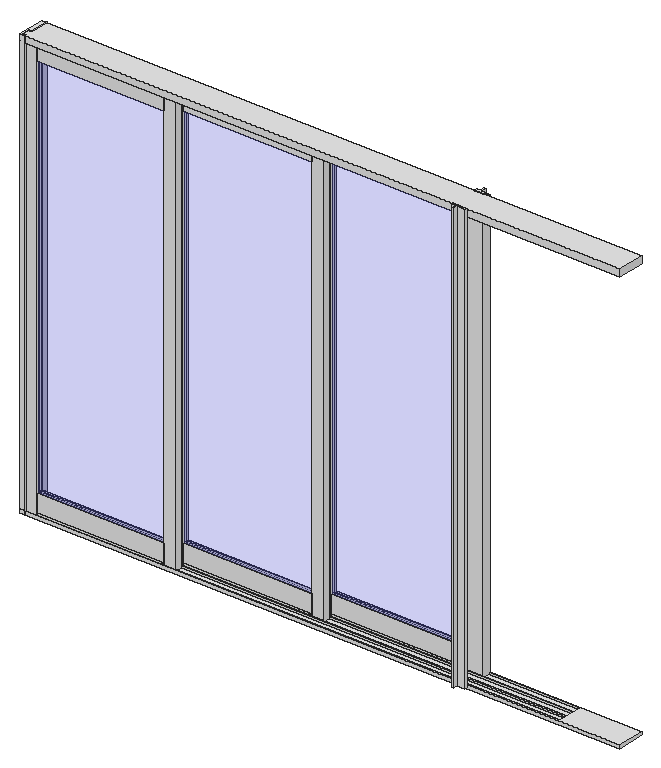
Revit family "Door-Sliding-All_Weather-Series_8100-Pocket", category Doors, host Wall, Revit 2026 (continued)
Definition of nested family "Detail-All_Weather-Series_8100_Footer"
  Dimensions and locks (in)
    Masking region 10 sketch curve to Masking region 10 sketch curve to Masking region 10 sketch curve to Masking region 10 sketch curve to plane 1 "Center (Front/Back)" to Masking region 10 sketch curve to Masking region 10 sketch curve to Masking region 10 sketch curve to Masking region 10 sketch curve to Masking region 10 sketch curve to Masking region 10 sketch curve to Masking region 10 sketch curve to Masking region 10 sketch curve to Masking region 10 sketch curve to Masking region 10 sketch curve to Masking region 10 sketch curve to Masking region 10 sketch curve to Masking region 10 sketch curve to Masking region 10 sketch curve to Masking region 10 sketch curve to Masking region 10 sketch curve to Masking region 10 sketch curve to Masking region 10 sketch curve to Masking region 10 sketch curve to Masking region 10 sketch curve to Masking region 10 sketch curve to Masking region 10 sketch curve to Masking region 10 sketch curve to Masking region 10 sketch curve to Masking region 10 sketch curve to Masking region 10 sketch curve to Masking region 10 sketch curve to Masking region 10 sketch curve to Masking region 10 sketch curve to Masking region 10 sketch curve to Masking region 10 sketch curve to Masking region 10 sketch curve to Masking region 10 sketch curve to Masking region 10 sketch curve to Masking region 10 sketch curve to Masking region 10 sketch curve to Masking region 10 sketch curve to Masking region 10 sketch curve to Masking region 10 sketch curve to Masking region 10 sketch curve to Masking region 10 sketch curve to Masking region 10 sketch curve to Masking region 10 sketch curve to Masking region 10 sketch curve to Masking region 10 sketch curve to Masking region 10 sketch curve to Masking region 10 sketch curve to Masking region 10 sketch curve to Masking region 10 sketch curve to Masking region 10 sketch curve to Masking region 10 sketch curve to Masking region 10 sketch curve to Masking region 10 sketch curve to Masking region 10 sketch curve to Masking region 10 sketch curve to Masking region 10 sketch curve to Masking region 10 sketch curve to Masking region 10 sketch curve to Masking region 10 sketch curve to Masking region 10 sketch curve to Masking region 10 sketch curve to Masking region 10 sketch curve to Masking region 10 sketch curve to Masking region 10 sketch curve to Masking region 10 sketch curve to Masking region 10 sketch curve to Masking region 10 sketch curve to Masking region 10 sketch curve to Masking region 10 sketch curve to Masking region 10 sketch curve to Masking region 10 sketch curve to Masking region 10 sketch curve to Masking region 10 sketch curve to Masking region 10 sketch curve to Masking region 10 sketch curve to Masking region 10 sketch curve to Masking region 10 sketch curve to Masking region 10 sketch curve to Masking region 10 sketch curve = 0' - 0" locked, 0' - 0" locked, 0' - 0" locked, 0' - 0" locked, 0' - 0.03106" locked, 0' - 0" locked, 0' - 0.04646" locked, 0' - 0" locked, 0' - 0.00309" locked, 0' - 0.00012" locked, 0' - 0.01931" locked, 0' - 0" locked, 0' - 0.00494" locked, 0' - 0.00336" locked, 0' - 0" locked, 0' - 0 1/256" locked, 0' - 0.01154" locked, 0' - 0" locked, 0' - 0.00046" locked, 0' - 0" locked, 0' - 0.02485" locked, 0' - 0.0001" locked, 0' - 0.03468" locked, 0' - 0" locked, 0' - 0.00011" locked, 0' - 0.06462" locked, 0' - 0" locked, 0' - 0.03241" locked, 0' - 0" locked, 0' - 0.00522" locked, 0' - 0.00398" locked, 0' - 0" locked, 0' - 0.0019" locked, 0' - 0" locked, 0' - 0.00903" locked, 0' - 0" locked, 0' - 0.01615" locked, 0' - 0.00373" locked, 0' - 0" locked, 0' - 0" locked, 0' - 0.00697" locked, 0' - 0" locked, 0' - 0.01788" locked, 0' - 0.00977" locked, 0' - 0.01967" locked, 0' - 0" locked, 0' - 0.01854" locked, 0' - 0" locked, 0' - 0.00171" locked, 0' - 0.00416" locked, 0' - 0" locked, 0' - 0.00379" locked, 0' - 0.00181" locked, 0' - 0.01409" locked, 0' - 0" locked, 0' - 0.01254" locked, 0' - 0" locked, 0' - 0.03318" locked, 0' - 0" locked, 0' - 0" locked, 0' - 0" locked, 0' - 0.04731" locked, 0' - 0" locked, 0' - 0" locked, 0' - 0" locked, 0' - 0.07824" locked, 0' - 0" locked, 0' - 0.03428" locked, 0' - 0" locked, 0' - 0.01152" locked, 0' - 0" locked, 0' - 0" locked, 0' - 0" locked, 0' - 0.01058" locked, 0' - 0" locked, 0' - 0.03673" locked, 0' - 0" locked, 0' - 0" locked, 0' - 0" locked, 0' - 0.06162" locked, 0' - 0" locked, 0' - 0" locked, 0' - 0" locked
    plane 8 to Masking region 13 sketch curve to Masking region 13 sketch curve to Masking region 13 sketch curve to Masking region 13 sketch curve to Masking region 13 sketch curve to Masking region 13 sketch curve to Masking region 13 sketch curve to Masking region 13 sketch curve to Masking region 13 sketch curve to Masking region 13 sketch curve = 0' - 0.7874" locked, 0' - 0.03665" locked, 0' - 0.02982" locked, 0' - 0.04746" locked, 0' - 0.02982" locked, 0' - 0.14908" locked, 0' - 0.02982" locked, 0' - 0.04746" locked, 0' - 0.02992" locked, 0' - 0.03655" locked
    Masking region 13 sketch curve to Masking region 13 sketch curve to Masking region 13 sketch curve to Masking region 13 sketch curve to Masking region 13 sketch curve to Masking region 13 sketch curve to plane 3 "Top" to Masking region 13 sketch curve to Masking region 13 sketch curve to Masking region 13 sketch curve to Masking region 13 sketch curve to Masking region 13 sketch curve to Masking region 13 sketch curve to Masking region 13 sketch curve to Masking region 13 sketch curve = 0' - 0.02982" locked, 0' - 0.11807" locked, 0' - 0" locked, 0' - 0.01085" locked, 0' - 0" locked, 0' - 0.0214" locked, 0' - 0.09686" locked, 0' - 0" locked, 0' - 0.01085" locked, 0' - 0" locked, 0' - 0.16238" locked, 0' - 0" locked, 0' - 0.10394" locked, 0' - 0" locked
    plane 3 "Top" to Masking region 12 sketch curve to Masking region 12 sketch curve to Masking region 12 sketch curve to Masking region 12 sketch curve to Masking region 12 sketch curve to Masking region 12 sketch curve to Masking region 12 sketch curve to Masking region 12 sketch curve to Masking region 12 sketch curve to Masking region 12 sketch curve to Masking region 12 sketch curve to Masking region 12 sketch curve to Masking region 12 sketch curve to Masking region 12 sketch curve = 0' - 0.37166" locked, 0' - 0.05731" locked, 0' - 0" locked, 0' - 0.03081" locked, 0' - 0" locked, 0' - 0.01391" locked, 0' - 0" locked, 0' - 0.15405" locked, 0' - 0" locked, 0' - 0.01391" locked, 0' - 0" locked, 0' - 0.03081" locked, 0' - 0" locked, 0' - 0 3/256" locked
    plane 8 to Masking region 12 sketch curve to Masking region 12 sketch curve to Masking region 12 sketch curve to Masking region 12 sketch curve to Masking region 12 sketch curve to Masking region 12 sketch curve to Masking region 12 sketch curve to Masking region 12 sketch curve to Masking region 12 sketch curve to Masking region 12 sketch curve to Masking region 12 sketch curve to Masking region 12 sketch curve to Masking region 12 sketch curve to Masking region 12 sketch curve to Masking region 12 sketch curve to Masking region 12 sketch curve to Masking region 12 sketch curve to Masking region 12 sketch curve = 0' - 0.71548" locked, 0' - 0.03081" locked, 0' - 0" locked, 0' - 0.0563" locked, 0' - 0" locked, 0' - 0.04001" locked, 0' - 0" locked, 0' - 0.03941" locked, 0' - 0" locked, 0' - 0.24863" locked, 0' - 0" locked, 0' - 0.03941" locked, 0' - 0" locked, 0' - 0.04001" locked, 0' - 0" locked, 0' - 0.0563" locked, 0' - 0" locked, 0' - 0.03081" locked
    plane 9 to Masking region 15 sketch curve to Masking region 15 sketch curve to Masking region 15 sketch curve to Masking region 15 sketch curve to Masking region 15 sketch curve to Masking region 15 sketch curve to Masking region 15 sketch curve to Masking region 15 sketch curve = 0' - 0.07847" locked, 0' - 0.04969" locked, 0' - 0" locked, 0' - 0.13554" locked, 0' - 1.48505" locked, 0' - 0.13554" locked, 0' - 0" locked, 0' - 0.04969" locked
    plane 3 "Top" to Masking region 15 sketch curve to Masking region 15 sketch curve to Masking region 15 sketch curve to Masking region 15 sketch curve to Masking region 15 sketch curve to Masking region 15 sketch curve to Masking region 15 sketch curve to Masking region 15 sketch curve to Masking region 15 sketch curve to Masking region 15 sketch curve to Masking region 15 sketch curve to Masking region 15 sketch curve = 0' - 0.0662" locked, 0' - 0" locked, 0' - 0.06321" locked, 0' - 0" locked, 0' - 0.00755" locked, 0' - 0" locked, 0' - 0.07901" locked, 0' - 0" locked, 0' - 0.00739" locked, 0' - 0" locked, 0' - 0.06151" locked, 0' - 0" locked
    Masking region 14 sketch curve to Masking region 14 sketch curve to Masking region 14 sketch curve to plane 9 to Masking region 14 sketch curve to Masking region 14 sketch curve to Masking region 14 sketch curve to Masking region 14 sketch curve to Masking region 14 sketch curve to Masking region 14 sketch curve to Masking region 14 sketch curve to Masking region 14 sketch curve to Masking region 14 sketch curve to Masking region 14 sketch curve to Masking region 14 sketch curve to Masking region 14 sketch curve to Masking region 14 sketch curve to Masking region 14 sketch curve to Masking region 14 sketch curve to Masking region 14 sketch curve to Masking region 14 sketch curve to Masking region 14 sketch curve to Masking region 14 sketch curve to Masking region 14 sketch curve to Masking region 14 sketch curve to Masking region 14 sketch curve to Masking region 14 sketch curve to Masking region 14 sketch curve to Masking region 14 sketch curve to Masking region 14 sketch curve to Masking region 14 sketch curve to Masking region 14 sketch curve to Masking region 14 sketch curve to Masking region 14 sketch curve to Masking region 14 sketch curve to Masking region 14 sketch curve to Masking region 14 sketch curve to Masking region 14 sketch curve to Masking region 14 sketch curve to Masking region 14 sketch curve to Masking region 14 sketch curve to Masking region 14 sketch curve to Masking region 14 sketch curve to Masking region 14 sketch curve to Masking region 14 sketch curve to Masking region 14 sketch curve to Masking region 14 sketch curve to Masking region 14 sketch curve to Masking region 14 sketch curve to Masking region 14 sketch curve to Masking region 14 sketch curve to Masking region 14 sketch curve to Masking region 14 sketch curve to Masking region 14 sketch curve to Masking region 14 sketch curve to Masking region 14 sketch curve to Masking region 14 sketch curve to Masking region 14 sketch curve to Masking region 14 sketch curve to Masking region 14 sketch curve to Masking region 14 sketch curve to Masking region 14 sketch curve to Masking region 14 sketch curve to Masking region 14 sketch curve to Masking region 14 sketch curve to Masking region 14 sketch curve to Masking region 14 sketch curve to Masking region 14 sketch curve to Masking region 14 sketch curve to Masking region 14 sketch curve to Masking region 14 sketch curve to Masking region 14 sketch curve to Masking region 14 sketch curve to Masking region 14 sketch curve to Masking region 14 sketch curve to Masking region 14 sketch curve to Masking region 14 sketch curve to Masking region 14 sketch curve = 0' - 0.03106" locked, 0' - 0.016" locked, 0' - 0.02464" locked, 0' - 0 1/128" locked, 0' - 0" locked, 0' - 0.04912" locked, 0' - 0.01052" locked, 0' - 0.00999" locked, 0' - 0.03971" locked, 0' - 0.00999" locked, 0' - 0" locked, 0' - 0.03971" locked, 0' - 0" locked, 0' - 0.02982" locked, 0' - 0.31727" locked, 0' - 0.02701" locked, 0' - 0.01651" locked, 0' - 0.03874" locked, 0' - 0" locked, 0' - 0.0179" locked, 0' - 0" locked, 0' - 0.02185" locked, 0' - 0" locked, 0' - 0.04969" locked, 0' - 0.0015" locked, 0' - 0.02834" locked, 0' - 0.03081" locked, 0' - 0" locked, 0' - 0.01886" locked, 0' - 0.00002" locked, 0' - 0.02439" locked, 0' - 0.01303" locked, 0' - 0" locked, 0' - 0.01152" locked, 0' - 0.02823" locked, 0' - 0.00026" locked, 0' - 0.00625" locked, 0' - 0.03297" locked, 0' - 0.00019" locked, 0' - 0.24863" locked, 0' - 0.00019" locked, 0' - 0.03297" locked, 0' - 0.00625" locked, 0' - 0.00026" locked, 0' - 0.02823" locked, 0' - 0.01152" locked, 0' - 0" locked, 0' - 0.01303" locked, 0' - 0.02439" locked, 0' - 0.00002" locked, 0' - 0.01886" locked, 0' - 0" locked, 0' - 0.03081" locked, 0' - 0.02834" locked, 0' - 0.0015" locked, 0' - 0.04969" locked, 0' - 0" locked, 0' - 0.02185" locked, 0' - 0" locked, 0' - 0.0179" locked, 0' - 0" locked, 0' - 0.03206" locked, 0' - 0.02331" locked, 0' - 0.01748" locked, 0' - 0.33534" locked, 0' - 0.02116" locked, 0' - 0" locked, 0' - 0.03971" locked, 0' - 0" locked, 0' - 0.01864" locked, 0' - 0" locked, 0' - 0.03106" locked, 0' - 0.0205" locked, 0' - 0.00454" locked, 0' - 0.01223" locked, 0' - 0.03106" locked, 0' - 0.00129" locked
    Masking region 14 sketch curve to Masking region 14 sketch curve to Masking region 14 sketch curve to Masking region 14 sketch curve to plane 1 "Center (Front/Back)" to Masking region 14 sketch curve to Masking region 14 sketch curve to Masking region 14 sketch curve to Masking region 14 sketch curve to Masking region 14 sketch curve to Masking region 14 sketch curve to Masking region 14 sketch curve to Masking region 14 sketch curve to Masking region 14 sketch curve to Masking region 14 sketch curve to Masking region 14 sketch curve to Masking region 14 sketch curve to Masking region 14 sketch curve to Masking region 14 sketch curve to Masking region 14 sketch curve to Masking region 14 sketch curve to Masking region 14 sketch curve to Masking region 14 sketch curve to Masking region 14 sketch curve to Masking region 14 sketch curve to Masking region 14 sketch curve to Masking region 14 sketch curve to Masking region 14 sketch curve to Masking region 14 sketch curve to Masking region 14 sketch curve to Masking region 14 sketch curve to Masking region 14 sketch curve to Masking region 14 sketch curve to Masking region 14 sketch curve to Masking region 14 sketch curve to Masking region 14 sketch curve to Masking region 14 sketch curve to Masking region 14 sketch curve to Masking region 14 sketch curve to Masking region 14 sketch curve to Masking region 14 sketch curve to Masking region 14 sketch curve to Masking region 14 sketch curve to Masking region 14 sketch curve to Masking region 14 sketch curve to Masking region 14 sketch curve to Masking region 14 sketch curve to Masking region 14 sketch curve to Masking region 14 sketch curve to Masking region 14 sketch curve to Masking region 14 sketch curve to Masking region 14 sketch curve to Masking region 14 sketch curve to Masking region 14 sketch curve to Masking region 14 sketch curve to Masking region 14 sketch curve to Masking region 14 sketch curve to Masking region 14 sketch curve to Masking region 14 sketch curve to Masking region 14 sketch curve to Masking region 14 sketch curve to Masking region 14 sketch curve to Masking region 14 sketch curve to Masking region 14 sketch curve to Masking region 14 sketch curve to Masking region 14 sketch curve to Masking region 14 sketch curve to Masking region 14 sketch curve to Masking region 14 sketch curve to Masking region 14 sketch curve to Masking region 14 sketch curve to Masking region 14 sketch curve to Masking region 14 sketch curve to Masking region 14 sketch curve to Masking region 14 sketch curve to Masking region 14 sketch curve to Masking region 14 sketch curve to Masking region 14 sketch curve to Masking region 14 sketch curve to Masking region 14 sketch curve to Masking region 14 sketch curve to Masking region 14 sketch curve to Masking region 14 sketch curve to Masking region 14 sketch curve = 0' - 0" locked, 0' - 0" locked, 0' - 0" locked, 0' - 0" locked, 0' - 0.03106" locked, 0' - 0" locked, 0' - 0.04646" locked, 0' - 0" locked, 0' - 0.00309" locked, 0' - 0.00012" locked, 0' - 0.01931" locked, 0' - 0" locked, 0' - 0.00494" locked, 0' - 0.00336" locked, 0' - 0" locked, 0' - 0 1/256" locked, 0' - 0.01154" locked, 0' - 0" locked, 0' - 0.00046" locked, 0' - 0" locked, 0' - 0.02485" locked, 0' - 0.0001" locked, 0' - 0.03468" locked, 0' - 0" locked, 0' - 0.00011" locked, 0' - 0.06462" locked, 0' - 0" locked, 0' - 0.03241" locked, 0' - 0" locked, 0' - 0.00522" locked, 0' - 0.00398" locked, 0' - 0" locked, 0' - 0.0019" locked, 0' - 0" locked, 0' - 0.00903" locked, 0' - 0" locked, 0' - 0.01615" locked, 0' - 0.00373" locked, 0' - 0" locked, 0' - 0" locked, 0' - 0.00697" locked, 0' - 0" locked, 0' - 0.01788" locked, 0' - 0.00977" locked, 0' - 0.01967" locked, 0' - 0" locked, 0' - 0.01854" locked, 0' - 0" locked, 0' - 0.00171" locked, 0' - 0.00416" locked, 0' - 0" locked, 0' - 0.00379" locked, 0' - 0.00181" locked, 0' - 0.01409" locked, 0' - 0" locked, 0' - 0.01254" locked, 0' - 0" locked, 0' - 0.03318" locked, 0' - 0" locked, 0' - 0" locked, 0' - 0" locked, 0' - 0.04731" locked, 0' - 0" locked, 0' - 0" locked, 0' - 0" locked, 0' - 0.07824" locked, 0' - 0" locked, 0' - 0.03428" locked, 0' - 0" locked, 0' - 0.01152" locked, 0' - 0" locked, 0' - 0" locked, 0' - 0" locked, 0' - 0.01058" locked, 0' - 0" locked, 0' - 0.03673" locked, 0' - 0" locked, 0' - 0" locked, 0' - 0" locked, 0' - 0.06162" locked, 0' - 0" locked, 0' - 0" locked, 0' - 0" locked
    plane 9 to Masking region 17 sketch curve to Masking region 17 sketch curve to Masking region 17 sketch curve to Masking region 17 sketch curve to Masking region 17 sketch curve to Masking region 17 sketch curve to Masking region 17 sketch curve to Masking region 17 sketch curve to Masking region 17 sketch curve to Masking region 17 sketch curve = 0' - 0.7874" locked, 0' - 0.03665" locked, 0' - 0.02982" locked, 0' - 0.04746" locked, 0' - 0.02982" locked, 0' - 0.14908" locked, 0' - 0.02982" locked, 0' - 0.04746" locked, 0' - 0.02992" locked, 0' - 0.03655" locked
    Masking region 17 sketch curve to Masking region 17 sketch curve to Masking region 17 sketch curve to Masking region 17 sketch curve to Masking region 17 sketch curve to Masking region 17 sketch curve to plane 3 "Top" to Masking region 17 sketch curve to Masking region 17 sketch curve to Masking region 17 sketch curve to Masking region 17 sketch curve to Masking region 17 sketch curve to Masking region 17 sketch curve to Masking region 17 sketch curve to Masking region 17 sketch curve = 0' - 0.02982" locked, 0' - 0.11807" locked, 0' - 0" locked, 0' - 0.01085" locked, 0' - 0" locked, 0' - 0.0214" locked, 0' - 0.09686" locked, 0' - 0" locked, 0' - 0.01085" locked, 0' - 0" locked, 0' - 0.16238" locked, 0' - 0" locked, 0' - 0.10394" locked, 0' - 0" locked
    plane 3 "Top" to Masking region 16 sketch curve to Masking region 16 sketch curve to Masking region 16 sketch curve to Masking region 16 sketch curve to Masking region 16 sketch curve to Masking region 16 sketch curve to Masking region 16 sketch curve to Masking region 16 sketch curve to Masking region 16 sketch curve to Masking region 16 sketch curve to Masking region 16 sketch curve to Masking region 16 sketch curve to Masking region 16 sketch curve to Masking region 16 sketch curve = 0' - 0.37166" locked, 0' - 0.05731" locked, 0' - 0" locked, 0' - 0.03081" locked, 0' - 0" locked, 0' - 0.01391" locked, 0' - 0" locked, 0' - 0.15405" locked, 0' - 0" locked, 0' - 0.01391" locked, 0' - 0" locked, 0' - 0.03081" locked, 0' - 0" locked, 0' - 0 3/256" locked
    plane 9 to Masking region 16 sketch curve to Masking region 16 sketch curve to Masking region 16 sketch curve to Masking region 16 sketch curve to Masking region 16 sketch curve to Masking region 16 sketch curve to Masking region 16 sketch curve to Masking region 16 sketch curve to Masking region 16 sketch curve to Masking region 16 sketch curve to Masking region 16 sketch curve to Masking region 16 sketch curve to Masking region 16 sketch curve to Masking region 16 sketch curve to Masking region 16 sketch curve to Masking region 16 sketch curve to Masking region 16 sketch curve to Masking region 16 sketch curve = 0' - 0.71548" locked, 0' - 0.03081" locked, 0' - 0" locked, 0' - 0.0563" locked, 0' - 0" locked, 0' - 0.04001" locked, 0' - 0" locked, 0' - 0.03941" locked, 0' - 0" locked, 0' - 0.24863" locked, 0' - 0" locked, 0' - 0.03941" locked, 0' - 0" locked, 0' - 0.04001" locked, 0' - 0" locked, 0' - 0.0563" locked, 0' - 0" locked, 0' - 0.03081" locked
    plane 4 "Front" to plane 7 to plane 8 to plane 9 = 0' - 1.99575" locked, 0' - 2" locked, 0' - 2" locked
    aligned and locked: Masking region 2 sketch curve to plane 1 "Center (Front/Back)"
    aligned and locked: plane 5 to Masking region 2
    aligned and locked: Masking region 2 sketch curve to plane 5
    aligned and locked: Masking region 2 sketch curve to plane 3 "Top"
    aligned and locked: Masking region 2 sketch curve to plane 4 "Front"
  Automatic sketch dimensions
    Masking region 1 sketch curve to Masking region 1 sketch curve = 0' - 0"  (x3)
    Masking region 1 sketch curve to Masking region 1 sketch curve = 0' - 0.03186"
    Masking region 1 sketch curve to Masking region 1 sketch curve = 0' - 0.02039"
    Masking region 4 sketch curve to Masking region 4 sketch curve = 0' - 0.02485"  (x3)
    Masking region 4 sketch curve to Masking region 4 sketch curve = 0' - 0.01457"
    Masking region 5 sketch curve to Masking region 5 sketch curve = 0' - 0"
    Masking region 6 sketch curve to Masking region 6 sketch curve = 0' - 0"  (x3)
    Masking region 6 sketch curve to Masking region 6 sketch curve = 0' - 0.03186"
    Masking region 6 sketch curve to Masking region 6 sketch curve = 0' - 0.02039"
    Masking region 8 sketch curve to Masking region 8 sketch curve = 0' - 0.02485"  (x3)
    Masking region 8 sketch curve to Masking region 8 sketch curve = 0' - 0.01457"
    Masking region 9 sketch curve to Masking region 9 sketch curve = 0' - 0"
    Masking region 10 sketch curve to Masking region 10 sketch curve = 0' - 0"  (x3)
    Masking region 10 sketch curve to Masking region 10 sketch curve = 0' - 0.03186"
    Masking region 10 sketch curve to Masking region 10 sketch curve = 0' - 0.02039"
    Masking region 12 sketch curve to Masking region 12 sketch curve = 0' - 0.02485"  (x3)
    Masking region 12 sketch curve to Masking region 12 sketch curve = 0' - 0.01457"
    Masking region 13 sketch curve to Masking region 13 sketch curve = 0' - 0"
    Masking region 14 sketch curve to Masking region 14 sketch curve = 0' - 0"  (x3)
    Masking region 14 sketch curve to Masking region 14 sketch curve = 0' - 0.03186"
    Masking region 14 sketch curve to Masking region 14 sketch curve = 0' - 0.02039"
    Masking region 16 sketch curve to Masking region 16 sketch curve = 0' - 0.02485"  (x3)
    Masking region 16 sketch curve to Masking region 16 sketch curve = 0' - 0.01457"
    Masking region 17 sketch curve to Masking region 17 sketch curve = 0' - 0"
Definition of nested family "Detail-All_Weather-Series_8100_Clip"
  Parameters (values of type "Clip")
    URL = "https://www.allweatheraa.com/"
    Type Comments = "5 in Thermal Strut Sliding Glass Door"  # constant formula
    Thickness = 0' - 3.07641"
    Specification = ""
    Last Panel = yes
    Height = 0' - 1 161/256"
    Product Page URL = "https://www.allweatheraa.com/doors/series-8100-sliding-doors/"
    Product Name = "Series 8100"  # constant formula
    Product Documentation Link = "https://www.allweatheraa.com/download/4291/"
    Model = "Sliding Door"  # constant formula
    Manufacturer = "All Weather Architectural Aluminum"  # constant formula
    Description = "3 Track Footer"
    Assembly Code = "B2020100"
  Types (2): name | Last Panel
    Clip | yes
    Clip 2 | no
  Reference planes (in)
    plane 1 "Center (Front/Back)": y = 0.87109
    plane 2: z = 0
    plane 3 "Top": y = 2.5
    plane 4 "Front": x = -1.41797
    plane 5 "Back": x = 1.65844
  Lines and regions (in)
    Masking region 1, in view "Ref. Level", detail levels medium+fine
      outline origin (8.14448, -3.8853, 0) x (1, 0, 0) y (0, 1, 0)
        loop
          line (-9.56245, 5.65382) -> (-9.19036, 5.65382) -> (-9.19036, 5.72359) -> (-9.49268, 5.72359) -> (-9.49268, 5.87974) -> (-8.63554, 5.87974) -> (-8.63554, 5.75349) -> (-8.69202, 5.75349) -> (-8.69202, 5.3443) -> (-8.62557, 5.28893) -> (-8.62557, 4.97553) -> (-8.69202, 4.92016) -> (-8.69202, 4.75681) -> (-8.56577, 4.75681) -> (-8.56577, 4.82658) -> (-8.62225, 4.82658) -> (-8.62225, 4.88683) -> (-8.56577, 4.93577) -> (-8.56577, 5.32869) -> (-8.62225, 5.37763) -> (-8.62225, 5.68372) -> (-8.56577, 5.68372) -> (-8.56577, 5.87974) -> (-7.48604, 5.87974) -> (-7.43953, 5.92625) -> (-7.20235, 5.92625) -> (-7.20235, 5.97708) -> (-7.1177, 5.87974) -> (-6.85104, 5.87974) -> (-6.73898, 6.00931) -> (-6.55581, 6.00931) -> (-6.55581, 5.87974) -> (-6.48604, 5.87974) -> (-6.48604, 6.07907) -> (-6.7722, 6.07907) -> (-6.88426, 5.94951) -> (-7.08449, 5.94951) -> (-7.19655, 6.07907) -> (-7.31993, 6.07907) -> (-7.31993, 6.04455) -> (-7.28015, 6.04455) -> (-7.28015, 5.99667) -> (-7.48604, 5.99667) -> (-7.48604, 6.04455) -> (-7.44424, 6.04455) -> (-7.44424, 6.07907) -> (-7.69298, 6.07907) -> (-7.58092, 5.94951) -> (-9.03157, 5.94951) -> (-9.03157, 5.99306) -> (-8.98191, 6.07907) -> (-9.05747, 6.07907) -> (-9.10224, 6.00153) -> (-9.10224, 5.94951) -> (-9.197, 5.94951) -> (-9.197, 6.07907) -> (-9.30712, 6.07907) -> (-9.30712, 5.94951) -> (-9.49268, 5.94951) -> (-9.49268, 6.00903) -> (-9.41921, 6.00903) -> (-9.41921, 6.07907) -> (-9.56245, 6.07907) -> (-9.56245, 5.65382)
    Masking region 2, in view "Ref. Level", visible <- "Last Panel", detail levels medium+fine
      outline origin (8.14448, -3.8853, 0) x (1, 0, 0) y (0, 1, 0)
        loop
          arc (-9.20365, 6.07907) -> (-9.17922, 6.10889) -> (-9.21326, 6.12698) r 0.02492
          line (-9.21326, 6.12698) -> (-9.25562, 6.19899)
          arc (-9.25562, 6.19899) -> (-9.27561, 6.20437) -> (-9.28137, 6.18449) r 0.01478
          line (-9.28137, 6.18449) -> (-9.25143, 6.12891) -> (-9.34064, 6.12891) -> (-9.38041, 6.19652)
          arc (-9.38041, 6.19652) -> (-9.40047, 6.20192) -> (-9.40625, 6.18197) r 0.01483
          line (-9.40625, 6.18197) -> (-9.37768, 6.12891) -> (-9.48272, 6.12891) -> (-9.48272, 6.26516) -> (-9.08571, 6.26516)
          arc (-9.08571, 6.26516) -> (-9.05415, 6.29755) -> (-9.08737, 6.32824) r 0.03156
          line (-9.08737, 6.32824) -> (-9.16046, 6.32824) -> (-9.16046, 6.3853) -> (-9.25003, 6.3853) -> (-9.25003, 6.35178) -> (-9.20365, 6.35178) -> (-9.20365, 6.30166) -> (-9.41737, 6.30166) -> (-9.41737, 6.35178) -> (-9.36906, 6.35178) -> (-9.36906, 6.3853) -> (-9.44246, 6.3853) -> (-9.54252, 6.32972) -> (-9.54252, 6.07907) -> (-9.20365, 6.07907)
    Masking region 3, in view "Ref. Level", visible <- "Last Panel", detail levels medium+fine
      outline origin (8.14448, -3.8853, 0) x (1, 0, 0) y (0, 1, 0)
        loop
          line (-8.0475, 6.37475) -> (-7.75846, 6.40133) -> (-7.47607, 6.40133) -> (-7.29882, 6.38461)
          arc (-7.29882, 6.38461) -> (-7.28078, 6.36477) -> (-7.29886, 6.34496) r 0.01991
          line (-7.29886, 6.34496) -> (-7.95879, 6.28404)
          arc (-7.95879, 6.28404) -> (-7.97022, 6.27251) -> (-7.97441, 6.25515) r 0.03155
          line (-7.97441, 6.25515) -> (-7.97441, 6.11063)
          arc (-7.97441, 6.11063) -> (-7.96516, 6.08832) -> (-7.94451, 6.07907) r 0.03156
          line (-7.94451, 6.07907) -> (-7.69298, 6.07907) -> (-7.5838, 5.95283) -> (-7.67928, 5.95283) -> (-7.73465, 6.01927) -> (-8.2867, 6.01927) -> (-8.2867, 5.95283) -> (-8.3465, 5.95283) -> (-8.3465, 6.00846) -> (-8.67873, 6.18871) -> (-8.87095, 6.18871) -> (-8.97726, 6.00266) -> (-8.89135, 6.00266) -> (-8.89135, 5.95615) -> (-8.95282, 5.95615)
          arc (-8.95282, 5.95615) -> (-8.99831, 5.97629) -> (-9.01399, 6.0235) r 0.06146
          line (-9.01399, 6.0235) -> (-8.92436, 6.17874) -> (-9.48272, 6.17874) -> (-9.48272, 6.25847) -> (-8.68205, 6.25847) -> (-8.34982, 6.07907) -> (-8.07408, 6.07907) -> (-8.07408, 6.34285)
          arc (-8.07408, 6.34285) -> (-8.06596, 6.36433) -> (-8.04543, 6.37462) r 0.03156
    Masking region 4, in view "Ref. Level", detail levels medium+fine
      outline origin (0, 0, 0) x (1, 0, 0) y (0, 1, 0)
        loop
          line (-0.42129, 1.99443) -> (-0.42129, 0.93193) -> (-0.17129, 0.93193) -> (-0.17129, 1.74443) -> (0.64121, 1.74443) -> (0.64121, 1.99443) -> (-0.42129, 1.99443)
    Masking region 5, in view "Ref. Level", detail levels coarse
      outline origin (0, 0, 0) x (1, 0, 0) y (0, 1, 0)
        loop
          line (-1.41797, 1.76852) -> (-0.54754, 1.76852) -> (-0.54754, 0.87109) -> (-0.17129, 0.87109) -> (-0.17129, 1.74443) -> (1.65844, 1.74443) -> (1.65844, 2.5) -> (-1.41797, 2.5) -> (-1.41797, 1.76852)
    Masking region 6, in view "Ref. Level", visible <- "Last Panel", detail levels fine
      outline origin (-0.91535, 0.73598, 0) x (1, 0, 0) y (0, 1, 0)
        loop
          line (-0.28975, 1.71165) -> (-0.34318, 1.71165) -> (-0.34318, 1.68038) -> (-0.15818, 1.68038) -> (-0.15818, 1.71165) -> (-0.21162, 1.71165) -> (-0.19948, 1.93429) -> (-0.30189, 1.93429) -> (-0.28975, 1.71165)
  Dimensions and locks (in)
    "Thickness": plane 4 "Front" to plane 5 "Back"
    "Height": plane 3 "Top" to plane 1 "Center (Front/Back)"
    Masking region 1 sketch curve to Masking region 1 sketch curve to Masking region 1 sketch curve to Masking region 1 sketch curve to Masking region 1 sketch curve to Masking region 1 sketch curve to Masking region 1 sketch curve to Masking region 1 sketch curve to Masking region 1 sketch curve to Masking region 1 sketch curve to Masking region 1 sketch curve to Masking region 1 sketch curve to Masking region 1 sketch curve to Masking region 1 sketch curve to Masking region 1 sketch curve to Masking region 1 sketch curve to Masking region 1 sketch curve to Masking region 1 sketch curve to Masking region 1 sketch curve to Masking region 1 sketch curve to Masking region 1 sketch curve to Masking region 1 sketch curve to Masking region 1 sketch curve to Masking region 1 sketch curve to Masking region 1 sketch curve to Masking region 1 sketch curve to Masking region 1 sketch curve to Masking region 1 sketch curve to Masking region 1 sketch curve to Masking region 1 sketch curve to Masking region 1 sketch curve to Masking region 1 sketch curve to Masking region 1 sketch curve to Masking region 1 sketch curve to Masking region 1 sketch curve to Masking region 1 sketch curve to Masking region 1 sketch curve to Masking region 1 sketch curve = 0' - 0.06977" locked, 0' - 0" locked, 0' - 0.07348" locked, 0' - 0.11208" locked, 0' - 0.11012" locked, 0' - 0.00664" locked, 0' - 0.08812" locked, 0' - 0.04477" locked, 0' - 0.0259" locked, 0' - 0.04966" locked, 0' - 0.28989" locked, 0' - 0" locked, 0' - 0.05648" locked, 0' - 0.00997" locked, 0' - 0.00332" locked, 0' - 0" locked, 0' - 0.05648" locked, 0' - 0" locked, 0' - 0" locked, 0' - 0.87279" locked, 0' - 0.11206" locked, 0' - 0.09488" locked, 0' - 0" locked, 0' - 0.0418" locked, 0' - 0.00471" locked, 0' - 0.1196" locked, 0' - 0.03978" locked, 0' - 0.0778" locked, 0' - 0.0058" locked, 0' - 0.07885" locked, 0' - 0.03321" locked, 0' - 0.20023" locked, 0' - 0.03322" locked, 0' - 0.07884" locked, 0' - 0.03322" locked, 0' - 0.18317" locked, 0' - 0.06977" locked
    plane 1 "Center (Front/Back)" to Masking region 1 sketch curve to Masking region 1 sketch curve to Masking region 1 sketch curve to Masking region 1 sketch curve to Masking region 1 sketch curve to Masking region 1 sketch curve to Masking region 1 sketch curve to Masking region 1 sketch curve to Masking region 1 sketch curve to Masking region 1 sketch curve to Masking region 1 sketch curve to Masking region 1 sketch curve to Masking region 1 sketch curve to Masking region 1 sketch curve to Masking region 1 sketch curve to Masking region 1 sketch curve to Masking region 1 sketch curve to Masking region 1 sketch curve to Masking region 1 sketch curve to Masking region 1 sketch curve to Masking region 1 sketch curve to Masking region 1 sketch curve to Masking region 1 sketch curve to Masking region 1 sketch curve to Masking region 1 sketch curve to Masking region 1 sketch curve to Masking region 1 sketch curve to Masking region 1 sketch curve to Masking region 1 sketch curve to Masking region 1 sketch curve to Masking region 1 sketch curve to Masking region 1 sketch curve to Masking region 1 sketch curve to Masking region 1 sketch curve to Masking region 1 sketch curve to Masking region 1 sketch curve to Masking region 1 sketch curve = 0' - 0.00042" locked, 0' - 0.06977" locked, 0' - 0.06024" locked, 0' - 0.03333" locked, 0' - 0 1/64" locked, 0' - 0.03976" locked, 0' - 0.3134" locked, 0' - 0.03976" locked, 0' - 0 1/64" locked, 0' - 0.03333" locked, 0' - 0.27619" locked, 0' - 0.0299" locked, 0' - 0.03987" locked, 0' - 0.0299" locked, 0' - 0.12625" locked, 0' - 0", 0' - 0", 0' - 0" locked, 0' - 0.04651" locked, 0' - 0.02326" locked, 0' - 0" locked, 0' - 0" locked, 0' - 0" locked, 0' - 0.02758" locked, 0' - 0.01598" locked, 0' - 0.00361" locked, 0' - 0.00486" locked, 0' - 0.00751" locked, 0' - 0.00027" locked, 0' - 0.03524" locked, 0' - 0" locked, 0' - 0.03453" locked, 0' - 0" locked, 0' - 0" locked, 0' - 0" locked, 0' - 0" locked, 0' - 0" locked
    plane 4 "Front" to Masking region 3 sketch curve to Masking region 3 sketch curve to Masking region 3 sketch curve to Masking region 3 sketch curve to Masking region 3 sketch curve to Masking region 3 sketch curve to Masking region 3 sketch curve to Masking region 3 sketch curve to Masking region 3 sketch curve to Masking region 3 sketch curve to Masking region 3 sketch curve to Masking region 3 sketch curve to Masking region 3 sketch curve to Masking region 3 sketch curve to Masking region 3 sketch curve to Masking region 3 sketch curve to Masking region 3 sketch curve to Masking region 3 sketch curve to Masking region 3 sketch curve to Masking region 3 sketch curve to Masking region 3 sketch curve to Masking region 3 sketch curve to Masking region 3 sketch curve to Masking region 3 sketch curve to Masking region 3 sketch curve = 0' - 0.07973" locked, 0' - 0.46872" locked, 0' - 0.03674" locked, 0' - 0.02444" locked, 0' - 0.02845" locked, 0' - 0.03301" locked, 0' - 0.02041" locked, 0' - 0.1889" locked, 0' - 0.00332" locked, 0' - 0.3289" locked, 0' - 0.00332" locked, 0' - 0.0598" locked, 0' - 0.21262" locked, 0' - 0.02865" locked, 0' - 0.07102" locked, 0' - 0 1/64" locked, 0' - 0.01428" locked, 0' - 0.18605" locked, 0' - 0.02381" locked, 0' - 0.04167" locked, 0' - 0.0137" locked, 0' - 0.09549" locked, 0' - 0.10773" locked, 0' - 0.17721" locked, 0' - 0.00004" locked
    Masking region 3 sketch curve to Masking region 3 sketch curve to Masking region 3 sketch curve to Masking region 3 sketch curve to Masking region 3 sketch curve to Masking region 3 sketch curve to Masking region 3 sketch curve to Masking region 3 sketch curve to Masking region 3 sketch curve to Masking region 3 sketch curve to Masking region 3 sketch curve to Masking region 3 sketch curve to Masking region 3 sketch curve to Masking region 3 sketch curve to Masking region 3 sketch curve to Masking region 3 sketch curve to Masking region 3 sketch curve to Masking region 3 sketch curve = 0' - 0.01672" locked, 0' - 0.03965" locked, 0' - 0.00211" locked, 0' - 0.0588" locked, 0' - 0.02557" locked, 0' - 0.00166" locked, 0' - 0.06811" locked, 0' - 0.00997" locked, 0' - 0.09967" locked, 0' - 0" locked, 0' - 0.05557" locked, 0' - 0.00423" locked, 0' - 0.01082" locked, 0' - 0.0058" locked, 0' - 0.04651" locked, 0' - 0.00332" locked, 0' - 0" locked
    plane 4 "Front" to Masking region 2 sketch curve to Masking region 2 sketch curve to Masking region 2 sketch curve to Masking region 2 sketch curve to Masking region 2 sketch curve to Masking region 2 sketch curve to Masking region 2 sketch curve to Masking region 2 sketch curve to Masking region 2 sketch curve to Masking region 2 sketch curve to Masking region 2 sketch curve to Masking region 2 sketch curve to Masking region 2 sketch curve to Masking region 2 sketch curve to Masking region 2 sketch curve to Masking region 2 sketch curve to Masking region 2 sketch curve to Masking region 2 sketch curve to Masking region 2 sketch curve = 0' - 0.01993" locked, 0' - 0.0598" locked, 0' - 0.04025" locked, 0' - 0.02509" locked, 0' - 0.01112" locked, 0' - 0.02584" locked, 0' - 0.00273" locked, 0' - 0.00862" locked, 0' - 0.02842" locked, 0' - 0.05927" locked, 0' - 0.02575" locked, 0' - 0.00419" locked, 0' - 0.0014" locked, 0' - 0.03677" locked, 0' - 0.00961" locked, 0' - 0.02492" locked, 0' - 0.01827" locked, 0' - 0.07309" locked, 0' - 0.03322" locked
    plane 3 "Top" to Masking region 2 sketch curve to Masking region 2 sketch curve to Masking region 2 sketch curve to Masking region 2 sketch curve to Masking region 2 sketch curve to Masking region 2 sketch curve to Masking region 2 sketch curve to Masking region 2 sketch curve to Masking region 2 sketch curve to Masking region 2 sketch curve to Masking region 2 sketch curve to Masking region 2 sketch curve to Masking region 2 sketch curve to Masking region 2 sketch curve = 0' - 0" locked, 0' - 0" locked, 0' - 0.03353" locked, 0' - 0" locked, 0' - 0.02206" locked, 0' - 0.00148" locked, 0' - 0.02658" locked, 0' - 0.03651" locked, 0' - 0.05889" locked, 0' - 0.00244" locked, 0' - 0.07492" locked, 0' - 0" locked, 0' - 0" locked, 0' - 0.04983" locked
    plane 4 "Front" to Masking region 4 sketch curve to Masking region 4 sketch curve to Masking region 4 sketch curve = 0' - 0.99668" locked, 0' - 0 1/4" locked, 0' - 0 13/16" locked
    plane 1 "Center (Front/Back)" to Masking region 4 sketch curve to Masking region 4 sketch curve to Masking region 4 sketch curve = 0' - 0.06084" locked, 0' - 0 13/16" locked, 0' - 0 1/4" locked
    plane 1 "Center (Front/Back)" to Masking region 5 sketch curve to Masking region 5 sketch curve = 0' - 0.87334" locked, 0' - 0.02409" locked
    Masking region 5 sketch curve to Masking region 5 sketch curve to plane 5 "Back" = 0' - 0.37625" locked, 0' - 1.82973" locked
    Masking region 6 sketch curve to Masking region 6 sketch curve to Masking region 6 sketch curve to Masking region 6 sketch curve = 0' - 0 1/32" locked, 0' - 0" locked, 0' - 0 57/256" locked
    plane 4 "Front" to Masking region 6 sketch curve to Masking region 6 sketch curve to Masking region 6 sketch curve to Masking region 6 sketch curve = 0' - 0.15944" locked, 0' - 0.05344" locked, 0' - 0 5/64" locked, 0' - 0.05344" locked
    aligned and locked: Masking region 5 sketch curve to plane 4 "Front"
    aligned and locked: Masking region 5 sketch curve to plane 3 "Top"
    aligned and locked: plane 5 "Back" to Masking region 5 sketch curve
    aligned and locked: Masking region 5 sketch curve to plane 1 "Center (Front/Back)"
  Automatic sketch dimensions
    plane 4 "Front" to Masking region 1 sketch curve = 0' - 0"
    Masking region 2 sketch curve to plane 3 "Top" = 0' - 0.18879"
    Masking region 2 sketch curve to Masking region 2 sketch curve = 0' - 0.01278"
    Masking region 2 sketch curve to Masking region 2 sketch curve = 0' - 0.01274"
    Masking region 2 sketch curve to Masking region 2 sketch curve = 0' - 0.06617"
    Masking region 3 sketch curve to Masking region 3 sketch curve = 0' - 0.01595"
    Masking region 3 sketch curve to Masking region 3 sketch curve = 0' - 0.00183"
    Masking region 3 sketch curve to plane 3 "Top" = 0' - 0.00069"
    Masking region 3 sketch curve to Masking region 3 sketch curve = 0' - 0.03156"
    Masking region 3 sketch curve to Masking region 3 sketch curve = 0' - 0.00035"
    Masking region 3 sketch curve to Masking region 3 sketch curve = 0' - 0.00498"
    Masking region 3 sketch curve to Masking region 3 sketch curve = 0' - 0.00207"
    Masking region 3 sketch curve to Masking region 3 sketch curve = 0' - 0"  (x2)
    Masking region 3 sketch curve to Masking region 3 sketch curve = 0' - 0.00166"  (x5)
    Masking region 3 sketch curve to Masking region 3 sketch curve = 0' - 0.00013"
    Masking region 6 sketch curve to plane 4 "Front" = 0' - 0.20073"
    Masking region 6 sketch curve to plane 3 "Top" = 0' - 0.08364"
    Masking region 6 sketch curve to Masking region 6 sketch curve = 0' - 0.10241"
Definition of nested family "Detail-All_Weather-Series_8100_Bumper"
  Parameters (values of type "Jamb")
    URL = "https://www.allweatheraa.com/"
    Type Comments = "5 in Thermal Strut Sliding Glass Door"  # constant formula
    Thickness = 0' - 4"
    Specification = "https://www.allweatheraa.com/download/3079/?version=specs"
    Product Page URL = "https://www.allweatheraa.com/architects/architectural-manual/"
    Product Name = "Series 8100"  # constant formula
    Product Documentation Link = "https://www.allweatheraa.com/download/3079/?version=full"
    Model = "Sliding Door"  # constant formula
    Manufacturer = "All Weather Architectural Aluminum"  # constant formula
    Height = 0' - 1 3/4"  # constant formula
    Glass Thickness = 0' - 1"  # constant formula
    Description = "3 Track Jamb"
    Assembly Code = "B2020100"
    4 Track = Thickness > 0' 6"  # no
    3 Track = Thickness > 0' 4"  # no
    2 Track = Thickness > 0' 1"  # yes
  Types (2): name | Thickness | Description | 4 Track | 3 Track
    Jamb | 0' - 4" | "3 Track Jamb" | no | no
    Header | 0' - 8" | "3 Track Header" | yes | yes
  Reference planes (in)
    plane 1 "Center (Front/Back)": y = 0.75
    plane 2: z = 0
    plane 3 "Top": y = 2.5
    plane 4 "Front": x = -1.41797
    plane 5: x = 0.58203
    plane 6: x = 2.58203
    plane 7: x = -0.42783
    plane 8: x = 2.58203
    plane 9: x = 1.57217
    plane 10: x = 4.58203
    plane 11: x = 3.57217
    plane 12: x = 5.57217
  Lines and regions (in)
    Masking region 1, in view "Ref. Level", visible <- "2 Track", detail levels coarse
      outline origin (0, 0, 0) x (1, 0, 0) y (0, 1, 0)
        loop
          line (-1.41797, 2.5) -> (-1.41797, 0.75) -> (2.58203, 0.75) -> (2.58203, 2.5) -> (-1.41797, 2.5)
    Masking region 2, in view "Ref. Level", visible <- "2 Track", detail levels medium+fine
      outline origin (0, -0.76204, 0) x (1, 0, 0) y (0, 1, 0)
        loop
          line (-1.24033, 3.26204) -> (-1.24033, 1.51204) -> (0.38467, 1.51204) -> (0.38467, 3.26204) -> (-1.24033, 3.26204)
    Masking region 3, in view "Ref. Level", visible <- "2 Track", detail levels medium+fine
      outline origin (2, -0.76204, 0) x (1, 0, 0) y (0, 1, 0)
        loop
          line (-1.24033, 3.26204) -> (-1.24033, 1.51204) -> (0.38467, 1.51204) -> (0.38467, 3.26204) -> (-1.24033, 3.26204)
    Masking region 4, in view "Ref. Level", visible <- "3 Track", detail levels medium+fine
      outline origin (4, -0.76204, 0) x (1, 0, 0) y (0, 1, 0)
        loop
          line (-1.24033, 3.26204) -> (-1.24033, 1.51204) -> (0.38467, 1.51204) -> (0.38467, 3.26204) -> (-1.24033, 3.26204)
    Masking region 5, in view "Ref. Level", visible <- "4 Track", detail levels medium+fine
      outline origin (6, -0.76204, 0) x (1, 0, 0) y (0, 1, 0)
        loop
          line (-1.24033, 3.26204) -> (-1.24033, 1.51204) -> (0.38467, 1.51204) -> (0.38467, 3.26204) -> (-1.24033, 3.26204)
  Dimensions and locks (in)
    plane 1 "Center (Front/Back)" to plane 3 "Top" = 0' - 1 3/4"
    "Height": plane 3 "Top" to plane 1 "Center (Front/Back)"
    "Thickness": plane 4 "Front" to plane 6
    locked: plane 4 "Front" to plane 7 at 0.99014
    Masking region 2 sketch curve to plane 7 to Masking region 2 sketch curve = 0' - 0 13/16" locked, 0' - 0 13/16" locked
    plane 4 "Front" to plane 7 to plane 5 to plane 9 to plane 8 to plane 11 to plane 10 to plane 12 = 0' - 0.99014" locked, 0' - 1.00986" locked, 0' - 0.99014" locked, 0' - 1.00986" locked, 0' - 0.99014" locked, 0' - 1.00986" locked, 0' - 0.99014" locked
    Masking region 3 sketch curve to plane 9 to Masking region 3 sketch curve = 0' - 0 13/16" locked, 0' - 0 13/16" locked
    Masking region 4 sketch curve to plane 11 to Masking region 4 sketch curve = 0' - 0 13/16" locked, 0' - 0 13/16" locked
    Masking region 5 sketch curve to plane 12 to Masking region 5 sketch curve = 0' - 0 13/16" locked, 0' - 0 13/16" locked
    aligned and locked: Masking region 1 sketch curve to plane 1 "Center (Front/Back)"
    aligned and locked: Masking region 1 sketch curve to plane 6
    aligned and locked: Masking region 2 sketch curve to plane 1 "Center (Front/Back)"
    aligned and locked: Masking region 2 sketch curve to plane 3 "Top"
    aligned and locked: plane 3 "Top" to Masking region 5
    aligned and locked: plane 1 "Center (Front/Back)" to Masking region 5
    aligned and locked: plane 1 "Center (Front/Back)" to Masking region 4
    aligned and locked: plane 1 "Center (Front/Back)" to Masking region 3
    aligned and locked: plane 3 "Top" to Masking region 4
    aligned and locked: plane 3 "Top" to Masking region 3
  Automatic sketch dimensions
    Masking region 1 sketch curve to plane 4 "Front" = 0' - 0"
    Masking region 1 sketch curve to plane 3 "Top" = 0' - 0"
    plane 1 "Center (Front/Back)" to Masking region 3 sketch curve = 0' - 0"
    Masking region 3 sketch curve to plane 3 "Top" = 0' - 0"
    plane 1 "Center (Front/Back)" to Masking region 4 sketch curve = 0' - 0"
    Masking region 4 sketch curve to plane 3 "Top" = 0' - 0"
    plane 1 "Center (Front/Back)" to Masking region 5 sketch curve = 0' - 0"
    Masking region 5 sketch curve to plane 3 "Top" = 0' - 0"
Types (3): name | Pocket Width | Panel Width End Panel | Panel Offset | Min Width | Max Width | Jamb Extensions | Jamb Depth | Jamb Calc | End Panel Offset | Thickness | Rough Width | Panel Width | Panel Spacing | Number of Panels | Frame Projection Int. | Width | Description | Center Panel Location | 4 Track | Not 2 Track | 3 Track | 2 Track
  Pocket Door - XXXP | 3' - 0.16667" | 2' - 11.7526" | 0' - 4 243/256" | 5' - 3 1/8" | 18' - 1 5/8" | no | 0' - 7 113/256" | 0' - 7 113/256" | 0' - 4 253/256" | 0' - 6" | 11' - 3.16667" | 2' - 10.16667" | 0' - 2 1/2" | 3 | 0' - 5 1/2" | 11' - 2.16667" | "XXXP" | 0' - 0" | no | yes | yes | no
  Pocket Door - XXXXP | 2' - 4 17/64" | 2' - 3 109/128" | 0' - 2 31/32" | 6' - 11 5/8" | 24' - 1 5/8" | no | 0' - 5 113/256" | 0' - 5 113/256" | 0' - 6 253/256" | 0' - 8" | 10' - 7 17/64" | 2' - 2 17/64" | 0' - 2" | 4 | 0' - 5 1/2" | 10' - 6 17/64" | "XXXXP" | 0' - 11 105/128" | yes | yes | no | no
  Pocket Door - XXP | 4' - 3 15/16" | 4' - 3 67/128" | 0' - 2 31/32" | 3' - 6 5/8" | 12' - 1 5/8" | yes | 0' - 9 113/256" | 0' - 9 113/256" | 0' - 2 253/256" | 0' - 4" | 12' - 6 15/16" | 4' - 1 15/16" | 0' - 2" | 2 | 0' - 1" | 12' - 5 15/16" | "XXP" | 1' - 11 21/32" | no | no | no | yes
